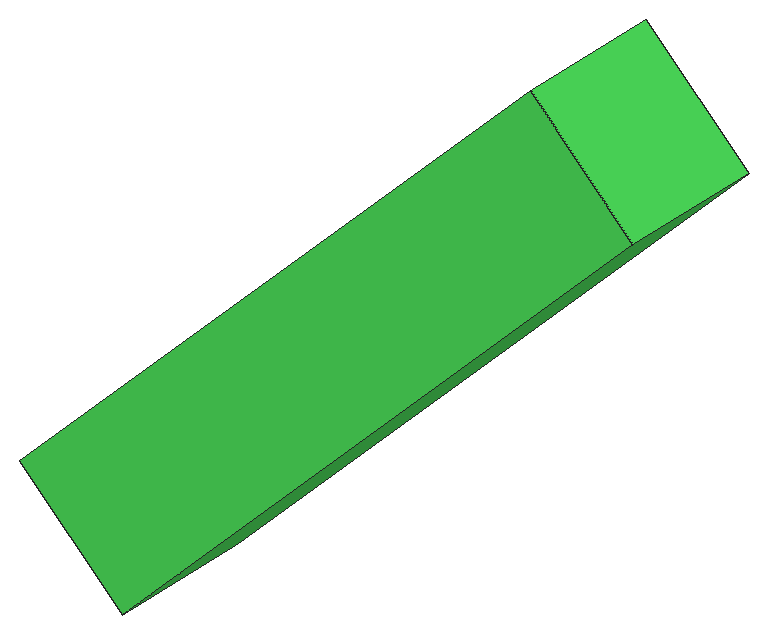
Revit family "機器サポート_角形鋼管(正方形)", category Generic Models, Revit 2023
Family settings
  Can host rebar = No
  Round Connector Dimension = Use Diameter
  Part Type = Normal
  Work Plane-Based = Yes
  Always vertical = No
  Cut with Voids When Loaded = No
  Maintain Annotation Orientation = No
  Shared = No
  Room Calculation Point = No
Parameters (values of type "100 x 100")
  高さ = 100 mm
  長辺 [instance] = 長さ  # 500 mm
  長さ [instance] = 500 mm
  部屋名 = ""
  角度 [instance] = 45.00°
  Default Elevation = 1219.2 mm
  構造マテリアル = E003_機器サポート
  幅 = 100 mm
Types (14, lengths in mm): name | 高さ | 幅
  100 x 100 | 100 | 100
  125 x 125 | 125 | 125
  150 x 150 | 150 | 150
  175 x 175 | 175 | 175
  200 x 200 | 200 | 200
  250 x 250 | 250 | 250
  300 x 300 | 300 | 300
  350 x 350 | 350 | 350
  40 x 40 | 40 | 40
  50 x 50 | 50 | 50
  60 x 60 | 60 | 60
  75 x 75 | 75 | 75
  80 x 80 | 80 | 80
  90 x 90 | 90 | 90
Reference planes
  plane 1 "中心(正面/背面)": y = 0
  plane 2: z = 0
  plane 3 "中心(左/右)": x = 0
Lines and regions (mm)
  reference lines
    curve 1: line (0, 0, 0) -> (806.102, 0, 806.102)
    curve 2: line (35.355, 0, -35.355) -> (-35.355, 0, 35.355)
    curve 3: line (388.909, 0, 318.198) -> (318.198, 0, 388.909)
Dimensions and locks
  equal spacing: curve 2, curve 1, curve 2
  "高さ": curve 2 to curve 2
  equal spacing: curve 3, curve 1, curve 3
  "高さ": curve 3 to curve 3
  "長さ": curve 2 to curve 3
  "角度": angle level to curve 1
  angle curve 2 to curve 1 = 90.00°
  angle curve 3 to curve 1 = 90.00°
  aligned and locked: level to plane 2
  aligned and locked: level to curve 1
  aligned and locked: plane 3 "中心(左/右)" to curve 1
  aligned and locked: curve 1 to nested 1
Nested families
  nested 1: "グレーチング_角形鋼管(正方形)" at (-35.355, 0, 35.355) x (0, 1, 0) z (0.7071, 0, -0.7071), 長さ <- "長さ", type "350 x 350"
    with 長辺 500 mm, 長さ 500 mm, 高さ 100 mm, 幅 100 mm
Definition of nested family "グレーチング_角形鋼管(正方形)"
  Parameters (values of type "350 x 350")
    高さ = 350 mm
    長辺 [instance] = 長さ  # 1000 mm
    長さ [instance] = 1000 mm
    部屋名 = ""
    Default Elevation = 1219.2 mm
    構造マテリアル = none
    幅 = 350 mm
  Reference planes
    plane 1 "中心(正面/背面)": y = 0
    plane 2: z = 0
    plane 3 "中心(左/右)": x = 0
    plane 4: z = 175
    plane 5: z = 350
  Forms (mm)
    Extrusion 1, solid, material <- "構造マテリアル"
      sketch origin (0, 0, 0) x (1, 0, 0) y (0, 1, 0)
        loop
          line (-175, 1000) -> (-175, 0) -> (175, 0) -> (175, 1000) -> (-175, 1000)
      from 0 to 350
  Lines and regions (mm)
    reference lines
      curve 1: line (175, 1000, 0) -> (-175, 1000, 0)
      curve 2: line (175, 0, 0) -> (-175, 0, 0)
  Dimensions and locks
    "長さ": curve 1 to curve 2
    "幅": Extrusion 1 to Extrusion 1
    equal spacing: Extrusion 1, plane 3 "中心(左/右)", Extrusion 1
    "幅": curve 1 to curve 1
    equal spacing: curve 1, plane 3 "中心(左/右)", curve 1
    "幅": curve 2 to curve 2
    equal spacing: curve 2, plane 3 "中心(左/右)", curve 2
    equal spacing: plane 5, plane 4, level
    "高さ": plane 5 to level
    aligned and locked: level to plane 2
    aligned and locked: Extrusion 1 to curve 2
    aligned and locked: curve 1 to Extrusion 1
    aligned and locked: plane 5 to Extrusion 1
  Automatic sketch dimensions
    Extrusion 1 sketch curve to plane 3 "中心(左/右)" = 175 mm
    plane 3 "中心(左/右)" to Extrusion 1 sketch curve = 175 mm
    plane 1 "中心(正面/背面)" to Extrusion 1 sketch curve = 0 mm
    Extrusion 1 sketch curve to plane 1 "中心(正面/背面)" = 1000 mm
    plane 1 "中心(正面/背面)" to curve 2 = 0 mm
